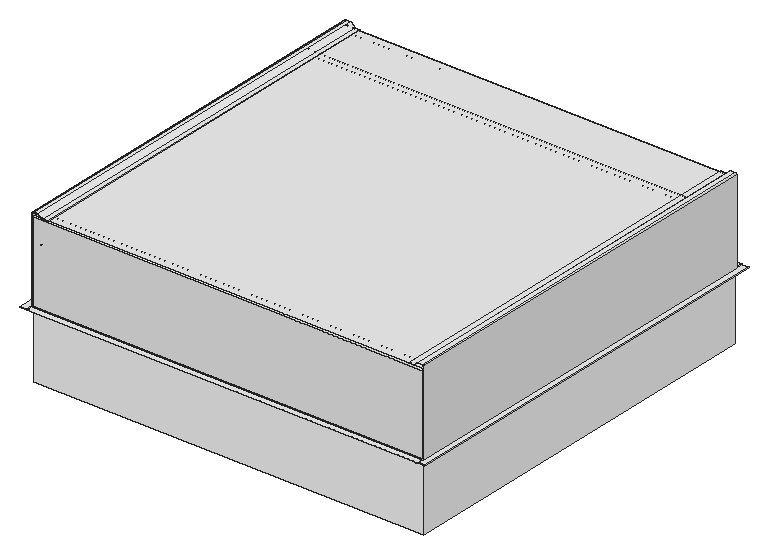
Revit family "QDAR", category Lighting Fixtures, host Ceiling, Revit 2019
Family settings
  Host = Ceiling
  Round Connector Dimension = Use Diameter
  Part Type = Normal
  OmniClass Number = 23.80.70.11.14.17
  OmniClass Title = Direct/Indirect
  Always vertical = Yes
  Cut with Voids When Loaded = No
  Light Source = Yes
  Shared = No
  Room Calculation Point = No
Parameters (values of type "QDAR2X2D4-LED840K040LUNV")
  Width = 1' - 11 3/4"
  Wattage = 36 W
  built-in parameter 1150110 = 1 (stored number, unit not read)
  Voltage = 120 V
  URL = "https://www.viscor.com/en/products/qdar"
  built-in parameter 1114217 = 0.9 (stored number, unit not read)
  Tilt Angle = 90.00°
  built-in parameter 1150109 = 1 (stored number, unit not read)
  built-in parameter 1150134 = 12
  built-in parameter 1150113 = 1 (stored number, unit not read)
  Photometric Web File = "QDAR2X2D4-LED840K40LUNV.ies"
  Model = "QDAR"  # constant formula
  Manufacturer = "VISIONEERING by VISCOR"  # constant formula
  Lumens = 4068 lm
  built-in parameter 1150115 = 1 (stored number, unit not read)
  built-in parameter 1150105 = 323.72 (stored number, unit not read)
  built-in parameter 1150137 = (empty or 0)
  built-in parameter 1150139 = (empty or 0)
  Lens Finish = Acrylic - Viscor - Opal White Square
  Lens Depth = 0' - 4"
  Length = 1' - 11 3/4"
  Lamp Wattage = 36 VA
  built-in parameter 1150112 = 1 (stored number, unit not read)
  built-in parameter 1150114 = 1 (stored number, unit not read)
  Lamp = "LED"  # constant formula
  built-in parameter 1150132 = (empty or 0)
  built-in parameter 1150102 = (empty or 0)
  built-in parameter 1150138 = (empty or 0)
  built-in parameter 1150107 = 4000 (stored number, unit not read)
  built-in parameter 1150106 = 3.2372 (stored number, unit not read)
  Housing Finish = Metal - Viscor - White
  Emit from Rectangle Width = Width  # 1' - 11 3/4"
  Emit from Rectangle Length = Length  # 1' - 11 3/4"
  Emit from Rectangle Height = Lens Depth  # 0' - 4"
  Emit Shape Visible in Rendering = no
  built-in parameter 1150104 = 10.498 (stored number, unit not read)
  Dimming Lamp Color Temperature Shift = <None>
  Description = "Quadra Recessed Drop Lens"  # constant formula
  Color Filter = 16777215
  built-in parameter 1114218 = 1 (stored number, unit not read)
  built-in parameter 1150133 = 10 (stored number, unit not read)
  Assembly Code = "D5020200"
  Apparent Load = Lamp Wattage  # 36 VA
Types (16): name | Wattage | Photometric Web File | Lumens | built-in parameter 1150105 | Lens Depth | Lamp Wattage | built-in parameter 1150106 | Emit from Rectangle Height | built-in parameter 1150104 | Apparent Load
  (no name) | 36 W | "QDAR2X2D4-LED840K40LUNV.ies" | 4068 lm | 323.72 (stored number, unit not read) | 0' - 4" | 36 VA | 3.2372 (stored number, unit not read) | 0' - 4" | 10.498 (stored number, unit not read) | 36 VA
  QDAR2X2D0-LED840K020LUNV | 19 W | "QDAR2X2D0-LED840K20LUNV.ies" | 1976 lm | 157.25 (stored number, unit not read) | 0' - 0 1/32" | 19 VA | 1.5725 (stored number, unit not read) | 0' - 0 1/32" | 9.6619 (stored number, unit not read) | 19 VA
  QDAR2X2D0-LED840K030LUNV | 27 W | "QDAR2X2D0-LED840K30LUNV.ies" | 2943 lm | 234.2 (stored number, unit not read) | 0' - 0 1/32" | 27 VA | 2.342 (stored number, unit not read) | 0' - 0 1/32" | 10.126 (stored number, unit not read) | 27 VA
  QDAR2X2D0-LED840K040LUNV | 36 W | "QDAR2X2D0-LED840K40LUNV.ies" | 3924 lm | 312.26 (stored number, unit not read) | 0' - 0 1/32" | 36 VA | 3.1226 (stored number, unit not read) | 0' - 0 1/32" | 10.126 (stored number, unit not read) | 36 VA
  QDAR2X2D1-LED840K020LUNV | 19 W | "QDAR2X2D1-LED840K20LUNV.ies" | 1976 lm | 157.25 (stored number, unit not read) | 0' - 1" | 19 VA | 1.5725 (stored number, unit not read) | 0' - 1" | 9.6619 (stored number, unit not read) | 19 VA
  QDAR2X2D1-LED840K030LUNV | 27 W | "QDAR2X2D1-LED840K30LUNV.ies" | 2889 lm | 229.9 (stored number, unit not read) | 0' - 1" | 27 VA | 2.299 (stored number, unit not read) | 0' - 1" | 9.9406 (stored number, unit not read) | 27 VA
  QDAR2X2D1-LED840K040LUNV | 36 W | "QDAR2X2D1-LED840K40LUNV.ies" | 3924 lm | 312.26 (stored number, unit not read) | 0' - 1" | 36 VA | 3.1226 (stored number, unit not read) | 0' - 1" | 10.126 (stored number, unit not read) | 36 VA
  QDAR2X2D2-LED840K020LUNV | 19 W | "QDAR2X2D2-LED840K20LUNV.ies" | 1995 lm | 158.76 (stored number, unit not read) | 0' - 2" | 19 VA | 1.5876 (stored number, unit not read) | 0' - 2" | 9.7548 (stored number, unit not read) | 19 VA
  QDAR2X2D2-LED840K030LUNV | 27 W | "QDAR2X2D2-LED840K30LUNV.ies" | 2997 lm | 238.49 (stored number, unit not read) | 0' - 2" | 27 VA | 2.3849 (stored number, unit not read) | 0' - 2" | 10.312 (stored number, unit not read) | 27 VA
  QDAR2X2D2-LED840K040LUNV | 36 W | "QDAR2X2D2-LED840K40LUNV.ies" | 3852 lm | 306.53 (stored number, unit not read) | 0' - 2" | 36 VA | 3.0653 (stored number, unit not read) | 0' - 2" | 9.9406 (stored number, unit not read) | 36 VA
  QDAR2X2D3-LED840K020LUNV | 19 W | "QDAR2X2D3-LED840K20LUNV.ies" | 2033 lm | 161.78 (stored number, unit not read) | 0' - 3" | 19 VA | 1.6178 (stored number, unit not read) | 0' - 3" | 9.9406 (stored number, unit not read) | 19 VA
  QDAR2X2D3-LED840K030LUNV | 27 W | "QDAR2X2D3-LED840K30LUNV.ies" | 3051 lm | 242.79 (stored number, unit not read) | 0' - 3" | 27 VA | 2.4279 (stored number, unit not read) | 0' - 3" | 10.498 (stored number, unit not read) | 27 VA
  QDAR2X2D3-LED840K040LUNV | 36 W | "QDAR2X2D3-LED840K40LUNV.ies" | 4032 lm | 320.86 (stored number, unit not read) | 0' - 3" | 36 VA | 3.2086 (stored number, unit not read) | 0' - 3" | 10.405 (stored number, unit not read) | 36 VA
  QDAR2X2D4-LED840K020LUNV | 19 W | "QDAR2X2D4-LED840K20LUNV.ies" | 1976 lm | 157.25 (stored number, unit not read) | 0' - 4" | 19 VA | 1.5725 (stored number, unit not read) | 0' - 4" | 9.6619 (stored number, unit not read) | 19 VA
  QDAR2X2D4-LED840K030LUNV | 27 W | "QDAR2X2D4-LED840K30LUNV.ies" | 3051 lm | 242.79 (stored number, unit not read) | 0' - 4" | 27 VA | 2.4279 (stored number, unit not read) | 0' - 4" | 10.498 (stored number, unit not read) | 27 VA
  QDAR2X2D4-LED840K040LUNV | 36 W | "QDAR2X2D4-LED840K40LUNV.ies" | 4068 lm | 323.72 (stored number, unit not read) | 0' - 4" | 36 VA | 3.2372 (stored number, unit not read) | 0' - 4" | 10.498 (stored number, unit not read) | 36 VA
Reference planes (in)
  plane 1 "Light Source Axis (F/B)": y = 0
  plane 2 "Ceiling": z = 96
  plane 3 "Light Source Axis (L/R)": x = 0
  plane 4 "Light Source Elevation": z = 92
  plane 5: y = 11.875
  plane 6: y = -11.875
  plane 7: x = -11.875
  plane 8: x = 11.875
  plane 9: x = -11.8125
  plane 10: x = 11.8125
  plane 11: y = 11.469
  plane 12: y = -11.469
  plane 13: x = -11.469
  plane 14: x = 11.469
  plane 15 "Lens Depth": z = 92
  plane 16: x = -11.438
  plane 17: x = 11.438
  plane 18: y = -11.438
  plane 19: y = 11.438
Forms (in)
  Extrusion 1, void
    sketch origin (0, 0, 96) x (1, 0, 0) y (0, 1, 0)
      loop
        line (-11.875, -11.875) -> (11.875, -11.875) -> (11.875, 11.875) -> (-11.875, 11.875) -> (-11.875, -11.875)
    from -4.41728 to 4.86229
  Extrusion 2, solid, material "Metal - Viscor - White" <- "Housing Finish"
    sketch origin (0, 0, 0) x (1, 0, 0) y (0, 0, 1)
      loop
        line (-10.88428, 100.783) -> (-10.5956, 100.783) -> (-10.5956, 100.81425) -> (-10.89685, 100.81425) -> (-11.1466, 101.00125) -> (-11.43, 101.00125)
        arc (-11.43, 101.00125) -> (-11.47967, 100.98067) -> (-11.50025, 100.931) r 0.07025
        line (-11.50025, 100.931) -> (-11.50025, 96) -> (-11.469, 96) -> (-11.469, 100.931)
        arc (-11.469, 100.931) -> (-11.45758, 100.95858) -> (-11.43, 100.97) r 0.039
        line (-11.43, 100.97) -> (-11.157, 100.97) -> (-10.92564, 100.79677)
        arc (-10.92564, 100.79677) -> (-10.90607, 100.78653) -> (-10.88428, 100.783) r 0.069
    from -11.469 to 11.469
  Extrusion 3, solid, material "Metal - Viscor - White" <- "Housing Finish"
    sketch origin (0, 0, 0) x (1, 0, 0) y (0, 0, 1)
      loop
        line (-11.875, 96) -> (-11.50025, 96) -> (-11.50025, 96.03125) -> (-11.875, 96.03125) -> (-11.875, 96)
    from -11.875 to 11.875
  Extrusion 4, solid, material "Metal - Viscor - White" <- "Housing Finish"
    sketch origin (0, 0, 0) x (-1, 0, 0) y (0, 0, -1)
      loop
        arc (-10.88428, -100.783) -> (-10.90607, -100.78653) -> (-10.92564, -100.79677) r 0.069
        line (-10.92564, -100.79677) -> (-11.157, -100.97) -> (-11.43, -100.97)
        arc (-11.43, -100.97) -> (-11.45758, -100.95858) -> (-11.469, -100.931) r 0.039
        line (-11.469, -100.931) -> (-11.469, -96) -> (-11.50025, -96) -> (-11.50025, -100.931)
        arc (-11.50025, -100.931) -> (-11.47967, -100.98067) -> (-11.43, -101.00125) r 0.07025
        line (-11.43, -101.00125) -> (-11.1466, -101.00125) -> (-10.89685, -100.81425) -> (-10.5956, -100.81425) -> (-10.5956, -100.783) -> (-10.88428, -100.783)
    from -11.469 to 11.469
  Extrusion 5, solid, material "Metal - Viscor - White" <- "Housing Finish"
    sketch origin (0, 0, 0) x (-1, 0, 0) y (0, 0, -1)
      loop
        line (-11.875, -96) -> (-11.875, -96.03125) -> (-11.50025, -96.03125) -> (-11.50025, -96) -> (-11.875, -96)
    from -11.875 to 11.875
  Extrusion 6, solid, material "Metal - Viscor - White" <- "Housing Finish"
    sketch origin (0, 0, 0) x (0, 1, 0) y (0, 0, 1)
      loop
        line (11.875, 96) -> (11.875, 96.03125) -> (11.538, 96.03125)
        arc (11.538, 96.03125) -> (11.51131, 96.04231) -> (11.50025, 96.069) r 0.03775
        line (11.50025, 96.069) -> (11.50025, 100.714)
        arc (11.50025, 100.714) -> (11.47967, 100.76367) -> (11.43, 100.78425) r 0.07025
        line (11.43, 100.78425) -> (-11.43, 100.78425)
        arc (-11.43, 100.78425) -> (-11.47967, 100.76367) -> (-11.50025, 100.714) r 0.07025
        line (-11.50025, 100.714) -> (-11.50025, 96.069)
        arc (-11.50025, 96.069) -> (-11.51131, 96.04231) -> (-11.538, 96.03125) r 0.03775
        line (-11.538, 96.03125) -> (-11.875, 96.03125) -> (-11.875, 96) -> (-11.538, 96)
        arc (-11.538, 96) -> (-11.48921, 96.02021) -> (-11.469, 96.069) r 0.069
        line (-11.469, 96.069) -> (-11.469, 100.714)
        arc (-11.469, 100.714) -> (-11.45758, 100.74158) -> (-11.43, 100.753) r 0.039
        line (-11.43, 100.753) -> (11.43, 100.753)
        arc (11.43, 100.753) -> (11.45758, 100.74158) -> (11.469, 100.714) r 0.039
        line (11.469, 100.714) -> (11.469, 96.069)
        arc (11.469, 96.069) -> (11.48921, 96.02021) -> (11.538, 96) r 0.069
        line (11.538, 96) -> (11.875, 96)
    from -11.469 to 11.469
  Extrusion 7, solid, material "Metal - Viscor - White" <- "Housing Finish"
    sketch origin (0, 0, 0) x (0, 1, 0) y (0, 0, 1)
      loop
        line (10.969, 99.042) -> (10.969, 100.753) -> (10.93775, 100.753) -> (10.93775, 99.042)
        arc (10.93775, 99.042) -> (10.92874, 99.02026) -> (10.907, 99.01125) r 0.03075
        line (10.907, 99.01125) -> (10.43026, 99.01125) -> (8.71962, 99.99889)
        arc (8.71962, 99.99889) -> (8.70837, 100.01014) -> (8.70425, 100.02552) r 0.03075
        line (8.70425, 100.02552) -> (8.70425, 100.691)
        arc (8.70425, 100.691) -> (8.68367, 100.74067) -> (8.634, 100.76125) r 0.07025
        line (8.634, 100.76125) -> (8.196, 100.76125) -> (8.196, 100.73) -> (8.634, 100.73)
        arc (8.634, 100.73) -> (8.66158, 100.71858) -> (8.673, 100.691) r 0.039
        line (8.673, 100.691) -> (8.673, 100.02552)
        arc (8.673, 100.02552) -> (8.68131, 99.99452) -> (8.704, 99.97182) r 0.062
        line (8.704, 99.97182) -> (10.42189, 98.98) -> (10.907, 98.98)
        arc (10.907, 98.98) -> (10.95084, 98.99816) -> (10.969, 99.042) r 0.062
    from -11.469 to 11.469
  Extrusion 8, solid, material "Metal - Viscor - White" <- "Housing Finish"
    sketch origin (0, 0, 0) x (0, -1, 0) y (0, 0, -1)
      loop
        arc (10.969, -99.042) -> (10.95084, -98.99816) -> (10.907, -98.98) r 0.062
        line (10.907, -98.98) -> (10.42189, -98.98) -> (8.704, -99.97182)
        arc (8.704, -99.97182) -> (8.68131, -99.99452) -> (8.673, -100.02552) r 0.062
        line (8.673, -100.02552) -> (8.673, -100.691)
        arc (8.673, -100.691) -> (8.66158, -100.71858) -> (8.634, -100.73) r 0.039
        line (8.634, -100.73) -> (8.196, -100.73) -> (8.196, -100.76125) -> (8.634, -100.76125)
        arc (8.634, -100.76125) -> (8.68367, -100.74067) -> (8.70425, -100.691) r 0.07025
        line (8.70425, -100.691) -> (8.70425, -100.02552)
        arc (8.70425, -100.02552) -> (8.70837, -100.01014) -> (8.71963, -99.99889) r 0.03075
        line (8.71963, -99.99889) -> (10.43026, -99.01125) -> (10.907, -99.01125)
        arc (10.907, -99.01125) -> (10.92874, -99.02026) -> (10.93775, -99.042) r 0.03075
        line (10.93775, -99.042) -> (10.93775, -100.753) -> (10.969, -100.753) -> (10.969, -99.042)
    from -11.469 to 11.469
  Extrusion 9, solid, material "Acrylic - Viscor - Opal White Square" <- "Lens Finish"
    sketch origin (0, 0, 0) x (0, 1, 0) y (0, 0, 1)
      loop
        line (11.406, 92.03125) -> (11.406, 97) -> (-11.406, 97) -> (-11.406, 92.03125) -> (11.406, 92.03125)
    from -11.438 to 11.438
Dimensions and locks (in)
  equal spacing: host sketch curve, plane 3 "Light Source Axis (L/R)", host sketch curve
  equal spacing: host sketch curve, plane 1 "Light Source Axis (F/B)", host sketch curve
  host sketch curve to host sketch curve = 10' - 0"  (x2)
  equal spacing: plane 7, plane 3 "Light Source Axis (L/R)", plane 8
  "Length": plane 7 to plane 8
  equal spacing: plane 5, plane 1 "Light Source Axis (F/B)", plane 6
  "Width": plane 5 to plane 6
  "Emit from Rectangle Height": plane 4 "Light Source Elevation" to plane 2 "Ceiling"
  locked: plane 7 to plane 9 at 0.0625
  locked: plane 10 to plane 8 at 0.0625
  locked: plane 5 to plane 11 at 0.406
  locked: plane 12 to plane 6 at 0.406
  locked: plane 7 to plane 13 at 0.406
  locked: plane 14 to plane 8 at 0.406
  locked: plane 13 to plane 16 at 0.031
  plane 17 to Extrusion 4 = 0' - 0.031"
  locked: plane 17 to plane 14 at 0.031
  locked: plane 18 to plane 12 at 0.031
  locked: plane 11 to plane 19 at 0.031
  "Lens Depth": plane 2 "Ceiling" to plane 15 "Lens Depth"
  aligned and locked: plane 3 "Light Source Axis (L/R)" to imposter light
  aligned and locked: plane 1 "Light Source Axis (F/B)" to imposter light
  aligned and locked: plane 4 "Light Source Elevation" to imposter light
  aligned and locked: plane 5 to Extrusion 1
  aligned and locked: Extrusion 1 to plane 6
  aligned and locked: plane 8 to Extrusion 1
  aligned and locked: Extrusion 2 to plane 12
  aligned and locked: plane 11 to Extrusion 2
  aligned and locked: plane 5 to Extrusion 3
  aligned and locked: Extrusion 3 to plane 6
  aligned and locked: plane 5 to Extrusion 5
  aligned and locked: plane 11 to Extrusion 4
  aligned and locked: Extrusion 5 to plane 6
  aligned and locked: Extrusion 4 to plane 12
  aligned and locked: Extrusion 6 to plane 13
  aligned and locked: plane 14 to Extrusion 6
  aligned and locked: Extrusion 7 to plane 13
  aligned and locked: plane 14 to Extrusion 7
  aligned and locked: Extrusion 8 to plane 13
  aligned and locked: plane 14 to Extrusion 8
  aligned and locked: Extrusion 9 to plane 16
  aligned and locked: plane 17 to Extrusion 9
Automatic sketch dimensions
  Extrusion 1 sketch curve to plane 6 = 0' - 0"
  Extrusion 1 sketch curve to plane 5 = 0' - 0"
  Extrusion 1 sketch curve to plane 8 = 0' - 0"
  plane 7 to Extrusion 1 sketch curve = 0' - 0"
  Extrusion 2 sketch curve to Extrusion 2 sketch curve = 0' - 0"  (x2)
  Extrusion 2 sketch curve to plane 2 "Ceiling" = 0' - 0"
  Extrusion 2 sketch curve to plane 13 = 0' - 0 1/32"
  Extrusion 2 sketch curve to plane 13 = 0' - 0"
  plane 13 to Extrusion 2 sketch curve = 0' - 0.039"
  Extrusion 2 sketch curve to Extrusion 2 sketch curve = 0' - 0.273"
  Extrusion 2 sketch curve to Extrusion 2 sketch curve = 0' - 0.0104"
  Extrusion 2 sketch curve to Extrusion 2 sketch curve = 0' - 0.23136"
  Extrusion 2 sketch curve to Extrusion 2 sketch curve = 0' - 0.02879"
  Extrusion 2 sketch curve to Extrusion 2 sketch curve = 0' - 0.01257"
  Extrusion 2 sketch curve to Extrusion 2 sketch curve = 0' - 0.28868"
  plane 2 "Ceiling" to Extrusion 2 sketch curve = 0' - 4.783"
  Extrusion 2 sketch curve to Extrusion 2 sketch curve = 0' - 0.01377"
  Extrusion 2 sketch curve to Extrusion 2 sketch curve = 0' - 0 1/32"
  Extrusion 2 sketch curve to Extrusion 2 sketch curve = 0' - 0.13423"
  Extrusion 3 sketch curve to plane 7 = 0' - 0"
  Extrusion 3 sketch curve to plane 2 "Ceiling" = 0' - 0"
  Extrusion 3 sketch curve to plane 13 = 0' - 0 1/32"
  Extrusion 3 sketch curve to Extrusion 3 sketch curve = 0' - 0 1/32"
  Extrusion 4 sketch curve to Extrusion 4 sketch curve = 0' - 0"  (x2)
  Extrusion 4 sketch curve to plane 2 "Ceiling" = 0' - 0"
  Extrusion 4 sketch curve to plane 14 = 0' - 0"
  Extrusion 4 sketch curve to Extrusion 4 sketch curve = 0' - 0 1/32"  (x2)
  plane 14 to Extrusion 4 sketch curve = 0' - 0.039"
  Extrusion 4 sketch curve to Extrusion 4 sketch curve = 0' - 0.273"
  Extrusion 4 sketch curve to Extrusion 4 sketch curve = 0' - 0.0104"
  Extrusion 4 sketch curve to Extrusion 4 sketch curve = 0' - 0.23136"
  Extrusion 4 sketch curve to Extrusion 4 sketch curve = 0' - 0.02879"
  Extrusion 4 sketch curve to Extrusion 4 sketch curve = 0' - 0.01257"
  Extrusion 4 sketch curve to Extrusion 4 sketch curve = 0' - 0.28868"
  Extrusion 4 sketch curve to plane 2 "Ceiling" = 0' - 4.783"
  Extrusion 4 sketch curve to Extrusion 4 sketch curve = 0' - 0.01377"
  Extrusion 4 sketch curve to Extrusion 4 sketch curve = 0' - 0.13423"
  Extrusion 5 sketch curve to plane 8 = 0' - 0"
  Extrusion 5 sketch curve to plane 2 "Ceiling" = 0' - 0"
  Extrusion 5 sketch curve to plane 14 = 0' - 0 1/32"
  Extrusion 5 sketch curve to Extrusion 5 sketch curve = 0' - 0 1/32"
  Extrusion 6 sketch curve to Extrusion 6 sketch curve = 0' - 0"  (x8)
  Extrusion 6 sketch curve to plane 2 "Ceiling" = 0' - 0"  (x2)
  Extrusion 6 sketch curve to plane 6 = 0' - 0"
  Extrusion 6 sketch curve to plane 12 = 0' - 0"
  Extrusion 6 sketch curve to plane 11 = 0' - 0"
  Extrusion 6 sketch curve to plane 5 = 0' - 0"
  Extrusion 6 sketch curve to Extrusion 6 sketch curve = 0' - 0.069"
  Extrusion 6 sketch curve to plane 12 = 0' - 0 1/32"
  Extrusion 6 sketch curve to Extrusion 6 sketch curve = 0' - 0.039"  (x2)
  Extrusion 6 sketch curve to Extrusion 6 sketch curve = 0' - 0.03775"
  Extrusion 6 sketch curve to Extrusion 6 sketch curve = 0' - 4.645"
  Extrusion 7 sketch curve to Extrusion 7 sketch curve = 0' - 0"  (x6)
  Extrusion 7 sketch curve to plane 11 = 0' - 3.273"
  Extrusion 7 sketch curve to Extrusion 7 sketch curve = 0' - 0.438"
  Extrusion 7 sketch curve to Extrusion 7 sketch curve = 0' - 0.039"
  Extrusion 7 sketch curve to Extrusion 7 sketch curve = 0' - 0.031"
  Extrusion 7 sketch curve to Extrusion 7 sketch curve = 0' - 0 1/32"  (x2)
  Extrusion 7 sketch curve to Extrusion 7 sketch curve = 0' - 0.01538"
  Extrusion 7 sketch curve to Extrusion 7 sketch curve = 0' - 0.01537"
  Extrusion 7 sketch curve to plane 11 = 0' - 1.04711"
  Extrusion 7 sketch curve to Extrusion 7 sketch curve = 0' - 0.00837"
  Extrusion 7 sketch curve to Extrusion 7 sketch curve = 0' - 0.47674"
  Extrusion 7 sketch curve to plane 11 = 0' - 0 17/32"
  plane 2 "Ceiling" to Extrusion 7 sketch curve = 0' - 2.98"
  Extrusion 7 sketch curve to Extrusion 7 sketch curve = 0' - 0.96057"
  Extrusion 7 sketch curve to Extrusion 7 sketch curve = 0' - 0.66548"
  Extrusion 7 sketch curve to Extrusion 7 sketch curve = 0' - 1.711"
  Extrusion 8 sketch curve to Extrusion 8 sketch curve = 0' - 0"  (x6)
  Extrusion 8 sketch curve to plane 12 = 0' - 3.273"
  Extrusion 8 sketch curve to Extrusion 8 sketch curve = 0' - 0.438"
  Extrusion 8 sketch curve to Extrusion 8 sketch curve = 0' - 0.039"
  Extrusion 8 sketch curve to Extrusion 8 sketch curve = 0' - 0.031"
  Extrusion 8 sketch curve to Extrusion 8 sketch curve = 0' - 0 1/32"  (x2)
  Extrusion 8 sketch curve to Extrusion 8 sketch curve = 0' - 0.01538"
  Extrusion 8 sketch curve to Extrusion 8 sketch curve = 0' - 0.01537"
  Extrusion 8 sketch curve to plane 12 = 0' - 1.04711"
  Extrusion 8 sketch curve to Extrusion 8 sketch curve = 0' - 0.00837"
  Extrusion 8 sketch curve to Extrusion 8 sketch curve = 0' - 0.47674"
  Extrusion 8 sketch curve to plane 12 = 0' - 0 17/32"
  Extrusion 8 sketch curve to plane 2 "Ceiling" = 0' - 2.98"
  Extrusion 8 sketch curve to Extrusion 8 sketch curve = 0' - 0.96057"
  Extrusion 8 sketch curve to Extrusion 8 sketch curve = 0' - 0.66548"
  Extrusion 8 sketch curve to Extrusion 8 sketch curve = 0' - 1.711"
  plane 15 "Lens Depth" to Extrusion 9 sketch curve = 0' - 0 1/32"
  plane 12 to Extrusion 9 sketch curve = 0' - 0.063"
  Extrusion 9 sketch curve to plane 11 = 0' - 0.063"
  plane 2 "Ceiling" to Extrusion 9 sketch curve = 0' - 1"
Connectors (in)
  electrical at (0, 0, 96), driven by "Voltage", driven by "Apparent Load"
    settings: index 1, voltage 120 V, apparent load 0 VA, apparent load phase1 36 VA, apparent load phase2 0 VA, apparent load phase3 0 VA, power factor 1, load classification "Other", number of poles 1, system type 31, power factor state 1, is connector primary yes, connector utility no, sub classification motor no, connector description ""
